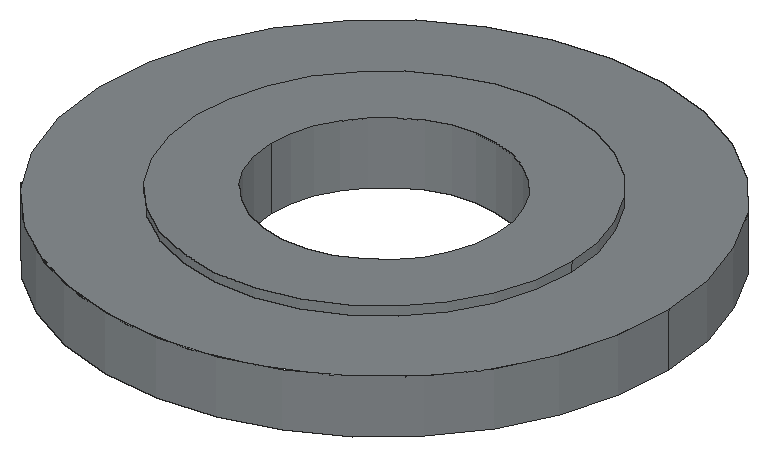
Revit family "FoFo_FF_Junta", category Pipe Accessories, Revit 2025
Family settings
  Round Connector Dimension = Use Diameter
  Part Type = Normal
  Work Plane-Based = Yes
  Always vertical = No
  Cut with Voids When Loaded = Yes
  Shared = Yes
Parameters (values of type "FLA_10_0080")
  PN = "10"
  Material_Conexao = FOFO
  Manufacturer = "SGC"
  Furo_V = Flange_RF * cos(Flange_MA)  # 73.91 mm
  Flange_RT = 0.5 * Flange_Diam_Tubo  # 49.0 mm
  Flange_RL = 0.5 * Flange_Diam_Livre  # 40.0 mm
  Flange_RG = 0.5 * Flange_Diam_Resalto  # 66.0 mm
  Flange_RF = 0.5 * Flange_Diam_Furacao  # 80.0 mm
  Flange_RD = 0.5 * Flange_Diam_Externo  # 100.0 mm
  Furo_Quant = 8
  Flange_MA = 0.5 * (360.00° / Furo_Quant)  # 22.50°
  Furo_H = Flange_RF * sin(Flange_MA)  # 30.615 mm
  Flange_Diam_Resalto = 132.0 mm
  Furo_Raio = 0.5 * Furo_Diam  # 8.0 mm
  Furo_Diam = 16.0 mm
  Flange_Diam_Livre = 80.0 mm
  Flange_Diam_Furacao = 160.0 mm
  Flange_Diam_Tubo = 98.0 mm
  Flange_Diam_Externo = 200.0 mm
  Flange_Resalto = 3.0 mm
  Flange_Altura = 19.0 mm
  Description = "Flange"
  Default Elevation = 0.0 mm
  DN = "80"
Reference planes
  plane 1 "Centro (Frente/Trás)": y = 0
  plane 2: z = 0
  plane 3 "Centro (Esquerda/Direita)": x = 0
  plane 4: z = -3
  plane 5: z = -22
Forms (mm)
  Extrusion 1, solid, material "FOFO"
    sketch origin (0, 0, 0) x (1, 0, 0) y (0, 1, 0)
      loop
        circle (0, 0) r 100
    from -22 to -3
  Extrusion 2, solid, material "FOFO"
    sketch origin (0, 0, 0) x (1, 0, 0) y (0, 1, 0)
      loop
        circle (0, 0) r 66
    from 0 to -3
  Extrusion 3, void
    sketch origin (0, 0, 0) x (1, 0, 0) y (0, 1, 0)
      loop
        circle (0, 0) r 40
    from 0 to -22
Cuts and joins
  Extrusion 3 cuts Extrusion 1
  Extrusion 3 cuts Extrusion 2
  joined: Extrusion 1, Extrusion 2
Lines and regions (mm)
  model lines
    curve 1: line (-40, 0, 0) -> (40, 0, 0)
    curve 2: line (0, 40, 0) -> (0, -40, 0)
Dimensions and locks
  "Flange_Resalto": plane 2 to plane 4
  "Flange_Altura": plane 4 to plane 5
  "Flange_RD": radius of Extrusion 1 sketch curve
  "Flange_RG": radius of Extrusion 2 sketch curve
  "Flange_RL": radius of Extrusion 3 sketch curve
  aligned and locked: plane 2 to level
  aligned and locked: Extrusion 1 to plane 5
  aligned and locked: Extrusion 1 to Extrusion 3
  aligned and locked: cut or joined group of Extrusion 1, Extrusion 2, Extrusion 3 to plane 4
  aligned and locked: plane 4 to cut or joined group of Extrusion 1, Extrusion 2, Extrusion 3
Automatic sketch dimensions
  plane 1 "Centro (Frente/Trás)" to curve 1 = 0.0 mm
  curve 1 to plane 3 "Centro (Esquerda/Direita)" = 40.0 mm
  plane 3 "Centro (Esquerda/Direita)" to curve 1 = 40.0 mm
  plane 1 "Centro (Frente/Trás)" to curve 2 = 40.0 mm
  curve 2 to plane 1 "Centro (Frente/Trás)" = 40.0 mm
  curve 2 to plane 3 "Centro (Esquerda/Direita)" = 0.0 mm
  plane 1 "Centro (Frente/Trás)" to Extrusion 1 sketch curve = 0.0 mm
  Extrusion 1 sketch curve to plane 3 "Centro (Esquerda/Direita)" = 0.0 mm
  plane 1 "Centro (Frente/Trás)" to Extrusion 2 sketch curve = 0.0 mm
  Extrusion 2 sketch curve to plane 3 "Centro (Esquerda/Direita)" = 0.0 mm
  plane 1 "Centro (Frente/Trás)" to Extrusion 3 sketch curve = 0.0 mm
  Extrusion 3 sketch curve to plane 3 "Centro (Esquerda/Direita)" = 0.0 mm
Types in the file's own list only (33): name | PN | Furo_V | Flange_RT | Flange_RL | Flange_RG | Flange_RF | Flange_RD | Furo_Quant | Flange_MA | Furo_H | Flange_Diam_Resalto | Furo_Raio | Furo_Diam | Flange_Diam_Livre | Flange_Diam_Furacao | Flange_Diam_Tubo | Flange_Diam_Externo | Flange_Resalto | Flange_Altura | DN
  FLA_10_0050 | "10" | 44.2 mm | 30.2 mm | 25.0 mm | 51.0 mm | 62.5 mm | 82.5 mm | 4 | 45.00° | 44.2 mm | 102.0 mm | 9.0 mm | 18.0 mm | 50.0 mm | 125.0 mm | 60.3 mm | 165.0 mm | 3.0 mm | 19.0 mm | "50"
  FLA_10_0100 | "10" | 83.1 mm | 59.0 mm | 50.0 mm | 78.0 mm | 90.0 mm | 110.0 mm | 8 | 22.50° | 34.4 mm | 156.0 mm | 8.0 mm | 16.0 mm | 100.0 mm | 180.0 mm | 118.0 mm | 220.0 mm | 3.0 mm | 19.0 mm | "100"
  FLA_10_0150 | "10" | 110.9 mm | 85.0 mm | 75.0 mm | 105.5 mm | 120.0 mm | 142.5 mm | 8 | 22.50° | 45.9 mm | 211.0 mm | 10.0 mm | 20.0 mm | 150.0 mm | 240.0 mm | 170.0 mm | 285.0 mm | 3.0 mm | 23.0 mm | "150"
  FLA_10_0200 | "10" | 136.3 mm | 111.0 mm | 100.0 mm | 133.0 mm | 147.5 mm | 170.0 mm | 8 | 22.50° | 56.4 mm | 266.0 mm | 10.0 mm | 20.0 mm | 200.0 mm | 295.0 mm | 222.0 mm | 340.0 mm | 3.0 mm | 23.0 mm | "200"
  FLA_10_0250 | "10" | 169.0 mm | 137.0 mm | 125.0 mm | 159.5 mm | 175.0 mm | 200.0 mm | 12 | 15.00° | 45.3 mm | 319.0 mm | 10.0 mm | 20.0 mm | 250.0 mm | 350.0 mm | 274.0 mm | 400.0 mm | 3.0 mm | 23.0 mm | "250"
  FLA_10_0300 | "10" | 193.2 mm | 163.0 mm | 150.0 mm | 185.0 mm | 200.0 mm | 227.5 mm | 12 | 15.00° | 51.8 mm | 370.0 mm | 10.0 mm | 20.0 mm | 300.0 mm | 400.0 mm | 326.0 mm | 455.0 mm | 4.0 mm | 23.0 mm | "300"
  FLA_10_0350 | "10" | 225.6 mm | 189.0 mm | 175.0 mm | 214.5 mm | 230.0 mm | 252.5 mm | 16 | 11.25° | 44.9 mm | 429.0 mm | 10.0 mm | 20.0 mm | 350.0 mm | 460.0 mm | 378.0 mm | 505.0 mm | 4.0 mm | 23.0 mm | "350"
  FLA_10_0400 | "10" | 252.6 mm | 214.5 mm | 200.0 mm | 240.0 mm | 257.5 mm | 282.5 mm | 16 | 11.25° | 50.2 mm | 480.0 mm | 12.0 mm | 24.0 mm | 400.0 mm | 515.0 mm | 429.0 mm | 565.0 mm | 4.0 mm | 28.0 mm | "400"
  FLA_10_0450 | "10" | 279.0 mm | 240.0 mm | 225.0 mm | 265.0 mm | 282.5 mm | 307.5 mm | 20 | 9.00° | 44.2 mm | 530.0 mm | 12.0 mm | 24.0 mm | 450.0 mm | 565.0 mm | 480.0 mm | 615.0 mm | 4.0 mm | 28.0 mm | "450"
  FLA_10_0500 | "10" | 306.2 mm | 266.0 mm | 250.0 mm | 291.0 mm | 310.0 mm | 335.0 mm | 20 | 9.00° | 48.5 mm | 582.0 mm | 12.0 mm | 24.0 mm | 500.0 mm | 620.0 mm | 532.0 mm | 670.0 mm | 4.0 mm | 28.0 mm | "500"
  FLA_10_0600 | "10" | 358.0 mm | 317.5 mm | 300.0 mm | 341.0 mm | 362.5 mm | 390.0 mm | 20 | 9.00° | 56.7 mm | 682.0 mm | 13.5 mm | 27.0 mm | 600.0 mm | 725.0 mm | 635.0 mm | 780.0 mm | 5.0 mm | 31.0 mm | "600"
  FLA_10_0700 | "10" | 416.4 mm | 369.0 mm | 350.0 mm | 397.0 mm | 420.0 mm | 447.5 mm | 24 | 7.50° | 54.8 mm | 794.0 mm | 13.5 mm | 27.0 mm | 700.0 mm | 840.0 mm | 738.0 mm | 895.0 mm | 5.0 mm | 31.0 mm | "700"
  FLA_10_0800 | "10" | 470.9 mm | 421.0 mm | 400.0 mm | 450.5 mm | 475.0 mm | 507.5 mm | 24 | 7.50° | 62.0 mm | 901.0 mm | 15.0 mm | 30.0 mm | 800.0 mm | 950.0 mm | 842.0 mm | 1015.0 mm | 5.0 mm | 34.0 mm | "800"
  FLA_10_0900 | "10" | 521.7 mm | 472.5 mm | 450.0 mm | 500.5 mm | 525.0 mm | 557.5 mm | 28 | 6.43° | 58.8 mm | 1001.0 mm | 15.0 mm | 30.0 mm | 900.0 mm | 1050.0 mm | 945.0 mm | 1115.0 mm | 5.0 mm | 34.0 mm | "900"
  FLA_10_1000 | "10" | 576.4 mm | 524.0 mm | 500.0 mm | 556.0 mm | 580.0 mm | 615.0 mm | 28 | 6.43° | 64.9 mm | 1112.0 mm | 16.5 mm | 33.0 mm | 1000.0 mm | 1160.0 mm | 1048.0 mm | 1230.0 mm | 5.0 mm | 37.0 mm | "1000"
  FLA_10_1200 | "10" | 686.7 mm | 627.5 mm | 600.0 mm | 664.0 mm | 690.0 mm | 727.5 mm | 32 | 5.63° | 67.6 mm | 1328.0 mm | 18.0 mm | 36.0 mm | 1200.0 mm | 1380.0 mm | 1255.0 mm | 1455.0 mm | 5.0 mm | 40.0 mm | "1200"
  FLA_16_0050 | "16" | 44.2 mm | 30.2 mm | 25.0 mm | 51.0 mm | 62.5 mm | 82.5 mm | 4 | 45.00° | 44.2 mm | 102.0 mm | 9.0 mm | 18.0 mm | 50.0 mm | 125.0 mm | 60.3 mm | 165.0 mm | 3.0 mm | 19.0 mm | "50"
  FLA_16_0080 | "16" | 73.9 mm | 49.0 mm | 40.0 mm | 66.0 mm | 80.0 mm | 100.0 mm | 8 | 22.50° | 30.6 mm | 132.0 mm | 8.0 mm | 16.0 mm | 80.0 mm | 160.0 mm | 98.0 mm | 200.0 mm | 3.0 mm | 19.0 mm | "80"
  FLA_16_0100 | "16" | 87.8 mm | 59.0 mm | 50.0 mm | 78.0 mm | 95.0 mm | 117.5 mm | 8 | 22.50° | 36.4 mm | 156.0 mm | 9.5 mm | 19.0 mm | 100.0 mm | 190.0 mm | 118.0 mm | 235.0 mm | 3.0 mm | 23.0 mm | "100"
  FLA_16_0150 | "16" | 115.5 mm | 85.0 mm | 75.0 mm | 105.5 mm | 125.0 mm | 150.0 mm | 8 | 22.50° | 47.8 mm | 211.0 mm | 12.0 mm | 24.0 mm | 150.0 mm | 250.0 mm | 170.0 mm | 300.0 mm | 3.0 mm | 23.0 mm | "150"
  FLA_16_0200 | "16" | 149.7 mm | 111.0 mm | 100.0 mm | 137.0 mm | 155.0 mm | 180.0 mm | 12 | 15.00° | 40.1 mm | 274.0 mm | 12.0 mm | 24.0 mm | 200.0 mm | 310.0 mm | 222.0 mm | 360.0 mm | 3.0 mm | 23.0 mm | "200"
  FLA_16_0250 | "16" | 178.7 mm | 137.0 mm | 125.0 mm | 165.0 mm | 185.0 mm | 212.5 mm | 12 | 15.00° | 47.9 mm | 330.0 mm | 13.5 mm | 27.0 mm | 250.0 mm | 370.0 mm | 274.0 mm | 425.0 mm | 3.0 mm | 31.0 mm | "250"
  FLA_16_0300 | "16" | 210.9 mm | 163.0 mm | 150.0 mm | 194.5 mm | 215.0 mm | 242.5 mm | 16 | 11.25° | 41.9 mm | 389.0 mm | 13.5 mm | 27.0 mm | 300.0 mm | 430.0 mm | 326.0 mm | 485.0 mm | 4.0 mm | 31.0 mm | "300"
  FLA_16_0350 | "16" | 240.3 mm | 189.0 mm | 175.0 mm | 224.0 mm | 245.0 mm | 277.5 mm | 16 | 11.25° | 47.8 mm | 448.0 mm | 15.0 mm | 30.0 mm | 350.0 mm | 490.0 mm | 378.0 mm | 555.0 mm | 4.0 mm | 34.0 mm | "350"
  FLA_16_0400 | "16" | 269.7 mm | 214.5 mm | 200.0 mm | 251.5 mm | 275.0 mm | 310.0 mm | 16 | 11.25° | 53.6 mm | 503.0 mm | 16.5 mm | 33.0 mm | 400.0 mm | 550.0 mm | 429.0 mm | 620.0 mm | 4.0 mm | 37.0 mm | "400"
  FLA_16_0450 | "16" | 296.3 mm | 240.0 mm | 225.0 mm | 274.0 mm | 300.0 mm | 335.0 mm | 20 | 9.00° | 46.9 mm | 548.0 mm | 16.5 mm | 33.0 mm | 450.0 mm | 600.0 mm | 480.0 mm | 670.0 mm | 4.0 mm | 37.0 mm | "450"
  FLA_16_0500 | "16" | 325.9 mm | 266.0 mm | 250.0 mm | 304.5 mm | 330.0 mm | 365.0 mm | 20 | 9.00° | 51.6 mm | 609.0 mm | 16.5 mm | 33.0 mm | 500.0 mm | 660.0 mm | 532.0 mm | 730.0 mm | 4.0 mm | 37.0 mm | "500"
  FLA_16_0600 | "16" | 380.3 mm | 317.5 mm | 300.0 mm | 360.0 mm | 385.0 mm | 422.5 mm | 20 | 9.00° | 60.2 mm | 720.0 mm | 18.0 mm | 36.0 mm | 600.0 mm | 770.0 mm | 635.0 mm | 845.0 mm | 5.0 mm | 40.0 mm | "600"
  FLA_16_0700 | "16" | 433.8 mm | 369.0 mm | 350.0 mm | 410.0 mm | 437.5 mm | 480.0 mm | 24 | 7.50° | 57.1 mm | 820.0 mm | 19.5 mm | 39.0 mm | 700.0 mm | 875.0 mm | 738.0 mm | 960.0 mm | 5.0 mm | 43.0 mm | "700"
  FLA_16_0800 | "16" | 490.8 mm | 421.0 mm | 400.0 mm | 464.0 mm | 495.0 mm | 542.5 mm | 24 | 7.50° | 64.6 mm | 928.0 mm | 22.5 mm | 45.0 mm | 800.0 mm | 990.0 mm | 842.0 mm | 1085.0 mm | 5.0 mm | 49.0 mm | "800"
  FLA_16_0900 | "16" | 541.6 mm | 472.5 mm | 450.0 mm | 514.0 mm | 545.0 mm | 592.5 mm | 28 | 6.43° | 61.0 mm | 1028.0 mm | 22.5 mm | 45.0 mm | 900.0 mm | 1090.0 mm | 945.0 mm | 1185.0 mm | 5.0 mm | 49.0 mm | "900"
  FLA_16_1000 | "16" | 601.2 mm | 524.0 mm | 500.0 mm | 570.0 mm | 605.0 mm | 660.0 mm | 28 | 6.43° | 67.7 mm | 1140.0 mm | 26.0 mm | 52.0 mm | 1000.0 mm | 1210.0 mm | 1048.0 mm | 1320.0 mm | 5.0 mm | 56.0 mm | "1000"
  FLA_16_1200 | "16" | 706.6 mm | 627.5 mm | 600.0 mm | 675.0 mm | 710.0 mm | 765.0 mm | 32 | 5.63° | 69.6 mm | 1350.0 mm | 26.0 mm | 52.0 mm | 1200.0 mm | 1420.0 mm | 1255.0 mm | 1530.0 mm | 5.0 mm | 56.0 mm | "1200"
